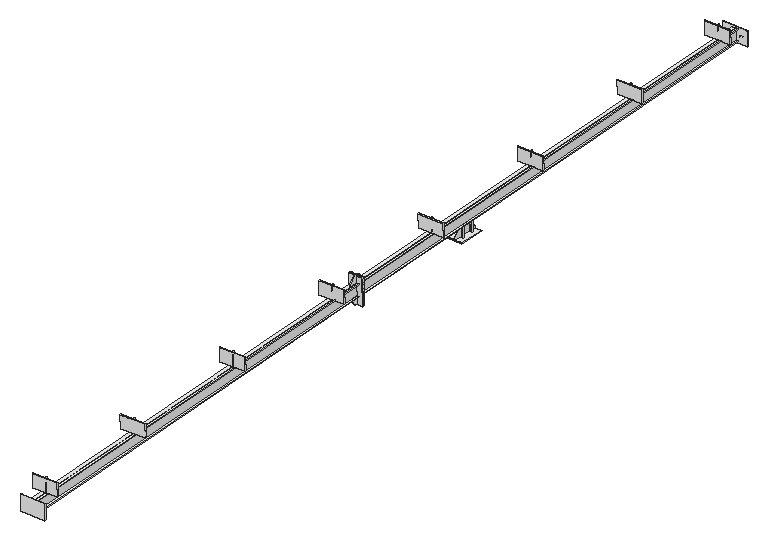
Revit family "STC_A3-Rafter-Type-F", category Structural Framing, Revit 2016
Family settings
  Section Shape = Not Defined
  Material for Model Behavior = Other
  Always export as geometry = No
  Work Plane-Based = No
  Always vertical = Yes
  Cut with Voids When Loaded = No
  Symbolic Representation = From Family
  Shared = No
  Show family pre-cut in plan views = Yes
Reference planes
  plane 1 "Center (Front/Back)": y = 0
  plane 2: z = 0
  plane 3 "Center (Left/Right)": x = 0
Forms (mm)
  Extrusion 1, solid, material "Metal - Steel"
    sketch origin (0, 0, 0) x (0, 1, 0) y (0, 0, 1)
      loop
        line (-235, 356.435) -> (-235, 556.435) -> (-245, 556.435) -> (-245, 356.435) -> (-235, 356.435)
      loop
        line (-12255, -169.68) -> (-12255, 30.32) -> (-12265, 30.32) -> (-12265, -169.68) -> (-12255, -169.68)
      loop
        line (-549.782, 522.331) -> (-539.791, 522.767) -> (-547.425, 697.6) -> (-557.415, 697.164) -> (-549.782, 522.331)
      loop
        line (-2049.782, 456.839) -> (-2039.791, 457.276) -> (-2047.425, 632.109) -> (-2057.415, 631.673) -> (-2049.782, 456.839)
      loop
        line (-3749.826, 382.614) -> (-3739.835, 383.05) -> (-3747.468, 557.884) -> (-3757.459, 557.447) -> (-3749.826, 382.614)
      loop
        line (-5449.869, 308.388) -> (-5439.879, 308.825) -> (-5447.512, 483.658) -> (-5457.503, 483.222) -> (-5449.869, 308.388)
      loop
        line (-7149.913, 234.163) -> (-7139.922, 234.599) -> (-7147.556, 409.432) -> (-7157.546, 408.996) -> (-7149.913, 234.163)
      loop
        line (-8849.956, 159.937) -> (-8839.966, 160.374) -> (-8847.599, 335.207) -> (-8857.59, 334.771) -> (-8849.956, 159.937)
      loop
        line (-10550, 85.712) -> (-10540.01, 86.148) -> (-10547.643, 260.981) -> (-10557.633, 260.545) -> (-10550, 85.712)
      loop
        line (-12050, 20.22) -> (-12040.01, 20.657) -> (-12047.643, 195.49) -> (-12057.633, 195.054) -> (-12050, 20.22)
    from -170 to 170
  Extrusion 2, void
    sketch origin (0, 0, -42.359) x (1, 0, 0) y (0, 0, 1)
      loop
        line (124, 509.794) -> (76, 509.794)
        arc (76, 509.794) -> (65, 498.794) -> (76, 487.794) r 11
        line (76, 487.794) -> (124, 487.794)
        arc (124, 487.794) -> (135, 498.794) -> (124, 509.794) r 11
      loop
        arc (-124, 509.794) -> (-135, 498.794) -> (-124, 487.794) r 11
        line (-124, 487.794) -> (-76, 487.794)
        arc (-76, 487.794) -> (-65, 498.794) -> (-76, 509.794) r 11
        line (-76, 509.794) -> (-124, 509.794)
    from 235 to 245
  Extrusion 3, solid, material "Metal - Steel"
    sketch origin (0, -931.325, -5.944) x (0, 1, 0) y (0, 0, 1)
      loop
        line (-5799.651, 358.493) -> (-5783.948, -1.164) -> (-5773.958, -0.728) -> (-5789.661, 358.929) -> (-5799.651, 358.493)
    from -90 to 90
  Extrusion 4, solid, material "Metal - Steel"
    sketch origin (0, 0, 0) x (0, 1, 0) y (0, 0, 1)
      loop
        line (-6740.967, 352.113) -> (-6760.948, 351.241) -> (-6837.382, 267.827) -> (-6836.51, 247.846) -> (-6736.605, 252.208) -> (-6740.967, 352.113)
      loop
        line (-6720.986, 352.985) -> (-6716.624, 253.081) -> (-6616.719, 257.443) -> (-6617.592, 277.424) -> (-6701.005, 353.858) -> (-6720.986, 352.985)
      loop
        line (-4702.5, 60) -> (-4772.5, 140) -> (-4792.5, 140) -> (-4792.5, 40) -> (-4702.5, 40) -> (-4702.5, 60)
      loop
        line (-4952.5, 140) -> (-4972.5, 140) -> (-5042.5, 60) -> (-5042.5, 40) -> (-4952.5, 40) -> (-4952.5, 140)
      loop
        line (-6725.264, -7.544) -> (-6729.626, 92.36) -> (-6829.531, 87.998) -> (-6828.658, 68.018) -> (-6745.245, -8.417) -> (-6725.264, -7.544)
      loop
        line (-6705.283, -6.672) -> (-6685.302, -5.8) -> (-6608.868, 77.614) -> (-6609.74, 97.595) -> (-6709.645, 93.233) -> (-6705.283, -6.672)
      loop
        line (-527.444, 698.473) -> (-547.425, 697.6) -> (-539.791, 522.767) -> (-459.868, 526.257) -> (-460.74, 546.238) -> (-527.444, 698.473)
      loop
        line (-2027.444, 632.981) -> (-2047.425, 632.109) -> (-2039.791, 457.276) -> (-1959.868, 460.765) -> (-1960.74, 480.746) -> (-2027.444, 632.981)
      loop
        line (-3727.487, 558.756) -> (-3747.468, 557.884) -> (-3739.835, 383.05) -> (-3659.911, 386.54) -> (-3660.784, 406.521) -> (-3727.487, 558.756)
      loop
        line (-5427.531, 484.53) -> (-5447.512, 483.658) -> (-5439.879, 308.825) -> (-5359.955, 312.314) -> (-5360.827, 332.295) -> (-5427.531, 484.53)
      loop
        line (-7127.575, 410.305) -> (-7147.556, 409.432) -> (-7139.922, 234.599) -> (-7059.998, 238.089) -> (-7060.871, 258.07) -> (-7127.575, 410.305)
      loop
        line (-8827.618, 336.079) -> (-8847.599, 335.207) -> (-8839.966, 160.374) -> (-8760.042, 163.863) -> (-8760.914, 183.844) -> (-8827.618, 336.079)
      loop
        line (-10527.662, 261.854) -> (-10547.643, 260.981) -> (-10540.01, 86.148) -> (-10460.086, 89.638) -> (-10460.958, 109.619) -> (-10527.662, 261.854)
      loop
        line (-12027.662, 196.362) -> (-12047.643, 195.49) -> (-12040.01, 20.657) -> (-11960.086, 24.146) -> (-11960.958, 44.127) -> (-12027.662, 196.362)
    from -5 to 5
  Extrusion 5, solid, material "Metal - Steel"
    sketch origin (0, 0, 0) x (0, 1, 0) y (0, 0, 1)
      loop
        line (-245, 535.638) -> (-6716.624, 253.081) -> (-6716.301, 245.688) -> (-245, 528.231) -> (-245, 535.638)
      loop
        line (-245, 382.892) -> (-6709.968, 100.626) -> (-6709.645, 93.233) -> (-245, 375.485) -> (-245, 382.892)
      loop
        line (-12255, 11.27) -> (-12255, 3.863) -> (-6736.282, 244.815) -> (-6736.605, 252.208) -> (-12255, 11.27)
      loop
        line (-12255, -141.475) -> (-12255, -148.882) -> (-6729.626, 92.361) -> (-6729.949, 99.754) -> (-12255, -141.475)
    from -41 to 41
  Extrusion 6, solid, material "Metal - Steel"
    sketch origin (0, 0, 0) x (0, 1, 0) y (0, 0, 1)
      loop
        line (-6716.301, 245.688) -> (-6709.968, 100.626) -> (-245, 382.892) -> (-245, 528.231) -> (-6716.301, 245.688)
      loop
        line (-6736.282, 244.815) -> (-12255, 3.863) -> (-12255, -141.475) -> (-6729.949, 99.754) -> (-6736.282, 244.815)
      loop
        line (-4945.1, 170.275) -> (-4945.1, 40) -> (-4799.9, 40) -> (-4799.9, 176.614) -> (-4945.1, 170.275)
    from -2.5 to 2.5
  Extrusion 7, solid, material "Metal - Steel"
    sketch origin (0, 0, 0) x (0, 1, 0) y (0, 0, 1)
      loop
        line (-4792.5, 40) -> (-4792.5, 176.937) -> (-4799.9, 176.614) -> (-4799.9, 40) -> (-4792.5, 40)
      loop
        line (-4952.5, 40) -> (-4945.1, 40) -> (-4945.1, 170.275) -> (-4952.5, 169.952) -> (-4952.5, 40)
    from -41 to 41
  Extrusion 8, solid, material "Metal - Steel"
    sketch origin (0, -9785.855, 0) x (0, -1, 0) y (0, 0, 1)
      loop
        line (-4743.355, 30) -> (-4743.355, 40) -> (-5083.355, 40) -> (-5083.355, 30) -> (-4743.355, 30)
    from -100 to 100
  Extrusion 9, solid, material "Metal - Steel"
    sketch origin (0, -941.316, -6.38) x (0, 1, 0) y (0, 0, 1)
      loop
        line (-5799.651, 358.493) -> (-5783.948, -1.164) -> (-5773.958, -0.728) -> (-5789.661, 358.929) -> (-5799.651, 358.493)
    from -90 to 90
Cuts and joins
  Extrusion 2 cuts Extrusion 1
  Extrusion 2 cuts Extrusion 5
  Extrusion 2 cuts Extrusion 6
